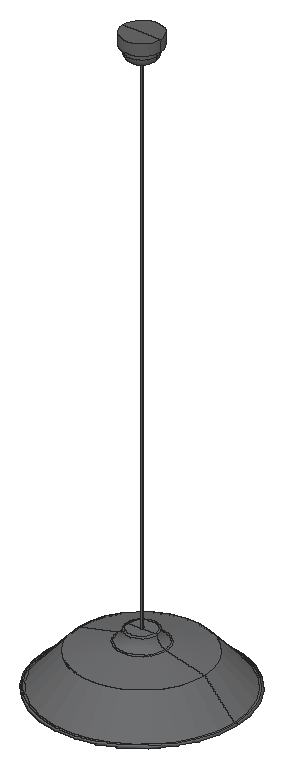
Revit family "Warehouse Flat LED 20,24,27", category Lighting Fixtures, Revit 2020
Family settings
  Round Connector Dimension = Use Diameter
  Part Type = Normal
  OmniClass Number = 23.80.70.00
  OmniClass Title = Lighting
  Work Plane-Based = No
  Always vertical = Yes
  Cut with Voids When Loaded = No
  Light Source = Yes
  Shared = No
  Room Calculation Point = No
Parameters (values of type "WF527")
  b = 0' - 2"
  a = 0' - 7 3/4"
  Weight = "6.5 lb"
  Wattage Comments = "24 W"
  Wattage = 20.1963 W
  Warranty = "5 year limited warranty"  # constant formula
  WF527 = yes
  WF524 = no
  WF520 = no
  built-in parameter 1150110 = 1 (stored number, unit not read)
  Voltage = 120 V
  URL = "https://www.anplighting.com/assets/Uploads/product-attachments/specification-sheets/ANP-Specification-Sheet-RLM-LED-WF527.pdf"
  built-in parameter 1114217 = 1 (stored number, unit not read)
  Tilt Angle = 90.00°
  built-in parameter 1150109 = 1 (stored number, unit not read)
  built-in parameter 1150134 = (empty or 0)
  built-in parameter 1150113 = 1 (stored number, unit not read)
  Photometric Web File = "generic"
  built-in parameter 1150142 = (empty or 0)
  Mounting Option [instance] = 1
  Power Factor = 1
  Post Mount [instance] = Mounting Option = 5  # no
  Placement X axis side [instance] = if(Post Mount, 2' 2 15/32", if(Cord or Stem Mount, 0' 0", if(E36 20 inch, 1' 8 1/4", if(E 6 26 inch, 2' 2", if(E7 41 inch, 3' 5 1/4", 0' 1")))))  # 0' - 0"
  Model = "WF527"
  Manufacturer = "ANP Lighting"  # constant formula
  built-in parameter 1150105 = 238.73 (stored number, unit not read)
  Lumens = 3000 lm
  built-in parameter 1150115 = 1 (stored number, unit not read)
  Load Classification = Lighting
  Light Source Height [instance] = 0' - 0"
  built-in parameter 1150137 = (empty or 0)
  built-in parameter 1150139 = (empty or 0)
  Light Elevation _2 [instance] = if(Post Mount, 0' 0.66142", if(E7 41 inch, 0' 0.66142", if(E36 20 inch, 0' 1.65748", if(E 6 26 inch, 0' 1.53543", if(Cord or Stem Mount, (0' 4.3622" + Cord Length), 0' 0")))))  # 6' - 4.3622"
  Light Elevation _1 [instance] = if(Post Mount, 0' 0", if(E7 41 inch, 0' 0", if(E36 20 inch, 0' 1", if(E 6 26 inch, 0' 0.87402", if(Cord or Stem Mount, (0' 3.66142" + Cord Length), 0' 0")))))  # 6' - 3.66142"
  Light Elevation [instance] = if(Post Mount, 14' 0.5315", if(E7 41 inch, 0' 0", 0' 0"))  # 0' - 0"
  Life = "L70 50,000 hours"  # constant formula
  built-in parameter 1150112 = 1 (stored number, unit not read)
  built-in parameter 1150114 = 1 (stored number, unit not read)
  Lamp = "LED"
  built-in parameter 1150132 = 2
  built-in parameter 1150102 = (empty or 0)
  built-in parameter 1150107 = 3000 (stored number, unit not read)
  built-in parameter 1150138 = (empty or 0)
  built-in parameter 1150106 = 2.3873 (stored number, unit not read)
  Fixture Height = 0' - 7 3/4"
  Fixture Diameter = 2' - 3"
  Efficiency = "65-125 lumens per watt"  # constant formula
  built-in parameter 1150104 = 13.8 (stored number, unit not read)
  E7 41 inch [instance] = Mounting Option = 4  # no
  E36 20 inch [instance] = Mounting Option = 3  # no
  E 6 26 inch [instance] = Mounting Option = 2  # no
  Dimming Lamp Color Temperature Shift = <None>
  Dimming = "1%"  # constant formula
  Description = "120-277 Voltage"  # constant formula
  Default Elevation = 0' - 0"
  Cord or Stem Mount [instance] = Mounting Option = 1  # yes
  Cord Length option [instance] = 0
  Cord Length [instance] = if([2' Cord], 2' 0", if([4' Cord], 4' 0", if([8' Cord], 8' 0", if([10' Cord], 10' 0", if([6' Cord], 6' 0", 6' 0")))))  # 6' - 0"
  Construction Material = "Heavy Duty spun aluminum."  # constant formula
  Color Filter = 16777215
  Canopy Body = BLACK
  CRI = ">90"  # constant formula
  Bulb = Bulb
  Body Material = body
  Body Colour = "Spun aluminium"  # constant formula
  built-in parameter 1114218 = 1 (stored number, unit not read)
  BULB = yes
  built-in parameter 1150133 = 10 (stored number, unit not read)
  Apparent Load = 24 VA
  8' Cord [instance] = Cord Length option = 8  # no
  6' Cord [instance] = Cord Length option = 6  # no
  4' Cord [instance] = Cord Length option = 4  # no
  2' Cord [instance] = Cord Length option = 2  # no
  10' Cord [instance] = Cord Length option = 10  # no
Types (4): name | a | Weight | WF527 | WF524 | WF520 | URL | Model | Fixture Height | Fixture Diameter
  (no name) | 0' - 7 3/4" | "6.5 lb" | yes | no | no | "https://www.anplighting.com/assets/Uploads/product-attachments/specification-sheets/ANP-Specification-Sheet-RLM-LED-WF527.pdf" | "WF527" | 0' - 7 3/4" | 2' - 3"
  WF520 | 0' - 6" | "2.5 lb" | no | no | yes | "https://www.anplighting.com/assets/Uploads/product-attachments/specification-sheets/ANP-Specification-Sheet-RLM-LED-WF520.pdf" | "WF520" | 0' - 6" | 1' - 8"
  WF524 | 0' - 6 3/4" | "5.5 lb" | no | yes | no | "https://www.anplighting.com/assets/Uploads/product-attachments/specification-sheets/ANP-Specification-Sheet-RLM-LED-WF524.pdf" | "WF524" | 0' - 6 3/4" | 2' - 0"
  WF527 | 0' - 7 3/4" | "6.5 lb" | yes | no | no | "https://www.anplighting.com/assets/Uploads/product-attachments/specification-sheets/ANP-Specification-Sheet-RLM-LED-WF527.pdf" | "WF527" | 0' - 7 3/4" | 2' - 3"
Reference planes (in)
  plane 1 "Light Source Axis (F/B)": y = 0
  plane 2: z = 0
  plane 3 "Light Source Axis (L/R)": x = 0
  plane 4 "Light Source Elevation": z = 0
  plane 5: z = 0
  plane 6: x = 0
  plane 7 "Bulb Position": z = -76.3622
  plane 8 "Canopy Position": z = -75.66142
  plane 9 "IES": z = -76.3622
  plane 10: z = 164.5315
  plane 11: z = -83.41142
  plane 12: z = -81.41142
  plane 13: z = -78.98029
Dimensions and locks (in)
  "Light Elevation": plane 5 to plane 2
  "Placement X axis side": plane 6 to plane 3 "Light Source Axis (L/R)"
  "Light Elevation _2": plane 5 to plane 7 "Bulb Position"
  "Light Elevation _1": plane 5 to plane 8 "Canopy Position"
  "Light Source Height": plane 7 "Bulb Position" to plane 9 "IES"
  locked: plane 4 "Light Source Elevation" to plane 2
  "a": plane 8 "Canopy Position" to plane 11
  "b": plane 12 to plane 11
  locked: plane 13 to plane 12 at 2.43113
  aligned and locked: level to plane 2
  aligned and locked: plane 1 "Light Source Axis (F/B)" to nested 5
  aligned and locked: nested 5 to plane 2
  aligned and locked: nested 1 to plane 3 "Light Source Axis (L/R)"
  aligned and locked: plane 3 "Light Source Axis (L/R)" to nested 2
  aligned and locked: plane 3 "Light Source Axis (L/R)" to nested 4
  aligned and locked: nested 3 to plane 5
  aligned and locked: plane 3 "Light Source Axis (L/R)" to nested 3
  aligned and locked: plane 1 "Light Source Axis (F/B)" to nested 2
  aligned and locked: plane 1 "Light Source Axis (F/B)" to nested 1
  aligned and locked: plane 1 "Light Source Axis (F/B)" to nested 4
  aligned and locked: plane 1 "Light Source Axis (F/B)" to nested 3
  aligned and locked: plane 2 to nested 1
  aligned and locked: plane 2 to nested 2
  aligned and locked: nested 4 to plane 2
  aligned and locked: imposter light to plane 6
  aligned and locked: plane 12 to imposter light
  aligned and locked: imposter light to plane 1 "Light Source Axis (F/B)"
  aligned and locked: plane 1 "Light Source Axis (F/B)" to nested 6
  aligned and locked: plane 1 "Light Source Axis (F/B)" to nested 7
  aligned and locked: plane 1 "Light Source Axis (F/B)" to nested 8
  aligned and locked: nested 6 to plane 8 "Canopy Position"
  aligned and locked: nested 7 to plane 8 "Canopy Position"
  aligned and locked: nested 8 to plane 8 "Canopy Position"
  aligned and locked: plane 6 to nested 8
  aligned and locked: plane 6 to nested 7
  aligned and locked: plane 6 to nested 6
Nested families (in)
  nested 1: "CORD OR STEM MOUNT" at (0, 0, -75.67), visible <- "Cord or Stem Mount", Cord or Stem Mount <- "Cord or Stem Mount", Body Material <- "Body Material", Light Elevation <- "Light Elevation", Cord Length <- "Cord Length", 10' Cord <- "10' Cord", 2' Cord <- "2' Cord", 4' Cord <- "4' Cord", 6' Cord <- "6' Cord", 8' Cord <- "8' Cord", type "CORD OR STEM MOUNT"
    with Light Elevation 0' - 0", Cord or Stem Mount yes, Cord Length 6' - 0", Body Material body, 8' Cord no, 6' Cord no, 4' Cord no, 2' Cord no, 10' Cord no
  nested 2: "E6 26 INCH" at (0, 0, 0), visible <- "E 6 26 inch", Chain Length <- "Cord Length", E 6 26 inch <- "E 6 26 inch", Placement X axis side <- "Placement X axis side", Body Material <- "Body Material", Light Elevation <- "Light Elevation", type "E6 26 INCH"
    with Placement X axis side 0' - 0", Light Elevation 0' - 0", E 6 26 inch no, Chain Length 6' - 0", Body Material body
  nested 3: "E7 41 INCH" at (0, 0, 0), Chain Length <- "Cord Length", visible <- "E7 41 inch", E7 41 inch <- "E7 41 inch", Placement X axis side <- "Placement X axis side", Body Material <- "Body Material", Light Elevation <- "Light Elevation", type "E7 41 INCH"
    with Placement X axis side 0' - 0", Light Elevation 0' - 0", E7 41 inch no, Chain Length 6' - 0", Body Material body
  nested 4: "E36 20 INCH" at (0, 0, 0), visible <- "E36 20 inch", E36 20 inch <- "E36 20 inch", Placement X axis side <- "Placement X axis side", Chain Length <- "Cord Length", Body Material <- "Body Material", Light Elevation <- "Light Elevation", type "E36 20 INCH"
    with Placement X axis side 0' - 0", Light Elevation 0' - 0", E36 20 inch no, Chain Length 6' - 0", Body Material body
  nested 5: "POST MOUNT" at (0, 0, 0), visible <- "Post Mount", Post Mount <- "Post Mount", Placement X axis side <- "Placement X axis side", Chain Length <- "Cord Length", Body Material <- "Body Material", Light Elevation <- "Light Elevation", type "POST MOUNT"
    with Post Mount no, Placement X axis side 0' - 0", Light Elevation 0' - 0", Chain Length 6' - 0", Body Material body
  nested 6: "WF520_1" at (0, 0, -75.66142), WF520 <- "WF520", visible <- "WF520", Body <- "Canopy Body", Light Elevation <- "Light Elevation", type "WF520_1"
    with WF520 no, Light Elevation 0' - 0", Body BLACK
  nested 7: "WF524_1" at (0, 0, -75.66142), Body <- "Canopy Body", visible <- "WF524", Light Elevation <- "Light Elevation", WF524 <- "WF524", type "WF524_1"
    with WF524 no, Light Elevation 0' - 0", Body BLACK
  nested 8: "WF527_1" at (0, 0, -75.66142), WF527 <- "WF527", visible <- "WF527", Body <- "Canopy Body", Light Elevation <- "Light Elevation", type "WF527_1"
    with WF527 yes, Light Elevation 0' - 0", Body BLACK
Definition of nested family "CORD OR STEM MOUNT"
  Parameters (values of type "CORD OR STEM MOUNT")
    URL = ""
    Model = ""
    Manufacturer = ""
    Light Elevation [instance] = 1' - 7.69"
    Default Elevation = 0' - 0"
    Cord or Stem Mount [instance] = yes
    Cord Length [instance] = 6' - 0"
    Body Material [instance] = none
    8' Cord [instance] = no
    6' Cord [instance] = no
    4' Cord [instance] = no
    2' Cord [instance] = no
    10' Cord [instance] = no
  Reference planes (in)
    plane 1 "Light Source Axis (F/B)": y = 0
    plane 2: z = 0
    plane 3 "Light Source Axis (L/R)": x = 0
    plane 4 "Light Source Elevation": z = 23.125
    plane 5: z = 91.69
    plane 6: z = 19.69
  Forms (in)
    Extrusion 1, void, not visible
      sketch origin (0, 0, 2.38154) x (1, 0, 0) y (0, 0, 1)
        loop
          circle (0, 4.59925) r 0.16583
      from 1.18594 to 1.75
    Extrusion 2, void, not visible
      sketch origin (0, 0, 2.38154) x (0.707107, -0.707107, 0) y (0, 0, 1)
        loop
          circle (0, 4.59925) r 0.16583
      from 1.18594 to 1.75
    Extrusion 3, void, not visible
      sketch origin (0, 0, 2.38154) x (0.707107, 0.707107, 0) y (0, 0, 1)
        loop
          circle (0, 4.59925) r 0.16583
      from 1.18594 to 1.75
    Extrusion 4, void, not visible
      sketch origin (0, 0, 2.38154) x (0, 1, 0) y (0, 0, 1)
        loop
          circle (0, 4.59925) r 0.16583
      from 1.18594 to 1.75
    Extrusion 5, void, not visible
      sketch origin (0, 0, 2.38154) x (-0.707107, 0.707107, 0) y (0, 0, 1)
        loop
          circle (0, 4.59925) r 0.16583
      from 1.18594 to 1.75
    Extrusion 6, void, not visible
      sketch origin (0, 0, 2.38154) x (-1, 0, 0) y (0, 0, 1)
        loop
          circle (0, 4.59925) r 0.20678
      from 1.18594 to 1.75
    Extrusion 7, void, not visible
      sketch origin (0, 0, 2.38154) x (-0.707107, -0.707107, 0) y (0, 0, 1)
        loop
          circle (0, 4.59925) r 0.16583
      from 1.18594 to 1.75
    Extrusion 8, void, not visible
      sketch origin (0, 0, 2.38154) x (0, -1, 0) y (0, 0, 1)
        loop
          circle (0, 4.59925) r 0.16583
      from 1.18594 to 1.75
    Revolve 9, solid, material <- "Body Material", visible <- "Cord or Stem Mount"
      sketch origin (0, 0, 174.56698) x (1, 0, 0) y (0, 0, 1)
        loop
          line (2.6875, -79.20698) -> (0, -79.20698) -> (0, -82.87698) -> (0.125, -82.87698) -> (0.125, -82.83698) -> (0.75, -82.83698)
          arc (0.75, -82.83698) -> (0.81694, -82.77004) -> (0.75, -82.7031) r 0.06694
          line (0.75, -82.7031) -> (0.89763, -82.7031) -> (1.00223, -82.5985) -> (1.06587, -82.5985)
          arc (1.06587, -82.5985) -> (1.80099, -82.29401) -> (2.10549, -81.55888) r 1.03962
          line (2.10549, -81.55888) -> (2.10549, -81.03899)
          arc (2.10549, -81.03899) -> (2.12951, -80.981) -> (2.1875, -80.95698) r 0.08201
          line (2.1875, -80.95698) -> (2.1875, -80.70698) -> (2.6875, -80.70698) -> (2.6875, -79.20698)
        axis (0, -79.20698) -> (0, -82.87698)
      angle from 0 to 360
    Revolve 10, solid, material <- "Body Material", visible <- "Cord or Stem Mount"
      sketch origin (0, 0, 0) x (1, 0, 0) y (0, 0, 1)
        loop
          line (0, 91.69) -> (-0.125, 91.69) -> (-0.125, 19.69) -> (0, 19.69) -> (0, 91.69)
        axis (0, 19.69) -> (0, 91.69)
      angle from 0 to 360
  Dimensions and locks (in)
    "Light Elevation": plane 6 to plane 2
    "Cord Length": plane 5 to plane 6
    locked: Revolve 10 sketch curve to Revolve 10 sketch curve at 0.125
    aligned and locked: level to plane 2
    aligned and locked: Revolve 10 sketch curve to plane 3 "Light Source Axis (L/R)"
    aligned and locked: Revolve 10 sketch curve to plane 6
    aligned and locked: Revolve 10 sketch curve to plane 5
    aligned and locked: plane 3 "Light Source Axis (L/R)" to Revolve 10 sketch curve
  Automatic sketch dimensions
    Revolve 9 sketch curve to plane 3 "Light Source Axis (L/R)" = 0' - 0"  (x2)
    Revolve 9 sketch curve to plane 5 = 0' - 0"
    plane 3 "Light Source Axis (L/R)" to Revolve 9 sketch curve = 0' - 0 1/8"
    Revolve 9 sketch curve to plane 5 = 0' - 0.17388"
    Revolve 9 sketch curve to Revolve 9 sketch curve = 0' - 0 5/8"
    Revolve 9 sketch curve to Revolve 9 sketch curve = 0' - 0.14763"
    Revolve 9 sketch curve to plane 5 = 0' - 0.27847"
    Revolve 9 sketch curve to Revolve 9 sketch curve = 0' - 0.1046"
    Revolve 9 sketch curve to Revolve 9 sketch curve = 0' - 0.06364"
    Revolve 9 sketch curve to Revolve 9 sketch curve = 0' - 1.03962"
    Revolve 9 sketch curve to Revolve 9 sketch curve = 0' - 0 21/256"
    Revolve 9 sketch curve to Revolve 9 sketch curve = 0' - 0 1/2"  (x2)
    Revolve 9 sketch curve to Revolve 9 sketch curve = 0' - 0.51989"
    Revolve 9 sketch curve to Revolve 9 sketch curve = 0' - 0 1/4"
    Revolve 9 sketch curve to Revolve 9 sketch curve = 0' - 2.3519"
    Revolve 9 sketch curve to Revolve 9 sketch curve = 0' - 1 1/4"
    Revolve 9 sketch curve to Revolve 9 sketch curve = 0' - 0.04"
    Revolve 10 sketch curve to Revolve 10 sketch curve = 0' - 0 1/2"
    Revolve 10 sketch curve to Revolve 10 sketch curve = 0' - 0.42345"
Definition of nested family "WF527_1"
  Parameters (values of type "WF527_1")
    WF527 [instance] = yes
    Light Elevation [instance] = 3' - 0"
    Default Elevation = 0' - 0"
    Body [instance] = none
  Reference planes (in)
    plane 1 "Center (Front/Back)": y = 0
    plane 2: z = 0
    plane 3 "Center (Left/Right)": x = 0
    plane 4: z = 36
  Dimensions and locks (in)
    "Light Elevation": plane 4 to plane 2
    aligned and locked: plane 2 to level
    aligned and locked: plane 3 "Center (Left/Right)" to nested 1
    aligned and locked: plane 1 "Center (Front/Back)" to nested 1
    aligned and locked: plane 4 to nested 1
  Nested families (in)
    nested 1: "WF527" at (0, 0, 28.25), Body <- "Body", WF527 <- "WF527", visible <- "WF527", type "WF527"
      with WF527 yes, Body none
  Definition of nested family "WF527"
    Parameters (values of type "WF527")
      WF527 [instance] = yes
      Body [instance] = none
      Default Elevation = 0' - 0"
    Reference planes (in)
      plane 1 "Center (Front/Back)": y = 0
      plane 2: z = 0
      plane 3 "Center (Left/Right)": x = 0
      plane 4: z = 7.75
      plane 5: x = 13.5
      plane 6: x = -13.5
    Forms (in)
      Revolve 1, solid, material <- "Body", visible <- "WF527"
        sketch origin (0, 0, -10.16041) x (1, 0, 0) y (0, 0, 1)
          loop
            line (-8.875, 14.9977) -> (-12.99589, 10.4694)
            arc (-12.99589, 10.4694) -> (-13.15489, 10.328) -> (-13.34715, 10.23682) r 0.75169
            arc (-13.34715, 10.23682) -> (-13.41998, 10.31483) -> (-13.34363, 10.3894) r 0.07633
            line (-13.34363, 10.3894) -> (-13.34363, 10.46941)
            arc (-13.34363, 10.46941) -> (-13.49965, 10.30405) -> (-13.32344, 10.16041) r 0.15523
            arc (-13.32344, 10.16041) -> (-13.11135, 10.26089) -> (-12.93577, 10.41661) r 0.83169
            line (-12.93577, 10.41661) -> (-8.83291, 14.92509) -> (-3.39447, 16.13108)
            arc (-3.39447, 16.13108) -> (-3.27276, 16.16497) -> (-3.15631, 16.21395) r 0.99886
            arc (-3.15631, 16.21395) -> (-2.4238, 16.83287) -> (-2.07743, 17.72711) r 1.93921
            arc (-2.07743, 17.72711) -> (-2.02924, 17.79944) -> (-1.94696, 17.82741) r 0.135
            line (-1.94696, 17.82741) -> (-0.25, 17.82741) -> (-0.25, 17.91041) -> (-1.94696, 17.91041)
            arc (-1.94696, 17.91041) -> (-2.07938, 17.8648) -> (-2.1556, 17.74731) r 0.215
            arc (-2.1556, 17.74731) -> (-2.48595, 16.88353) -> (-3.19158, 16.28576) r 1.85921
            arc (-3.19158, 16.28576) -> (-3.29906, 16.24053) -> (-3.41139, 16.20927) r 0.91886
            line (-3.41139, 16.20927) -> (-8.875, 14.9977)
          axis (0, 17.91041) -> (0, 10.16041)
        angle from 0 to 360
    Dimensions and locks (in)
      plane 5 to plane 3 "Center (Left/Right)" = 1' - 1 1/2"
      plane 4 to plane 2 = 0' - 7 3/4"
      plane 6 to plane 5 = 2' - 3"
      aligned and locked: plane 2 to level
Definition of nested family "E6 26 INCH"
  Parameters (values of type "E6 26 INCH")
    URL = ""
    Placement X axis side [instance] = 2' - 2"
    Model = ""
    Manufacturer = ""
    Light Elevation [instance] = 8' - 4"
    E 6 26 inch [instance] = yes
    Default Elevation = 0' - 0"
    Chain Length [instance] = 0' - 0"
    Body Material [instance] = none
  Reference planes (in)
    plane 1 "Light Source Axis (F/B)": y = 0
    plane 2: z = 0
    plane 3 "Light Source Axis (L/R)": x = 0
    plane 4 "Light Source Elevation": z = 23.125
    plane 5: z = 100
    plane 6: x = -26
    plane 7: z = 99.125
    plane 8: x = -24.12
    plane 9: x = -25.5474
  Forms (in)
    Extrusion 1, void, not visible
      sketch origin (0, 0, 2.38154) x (1, 0, 0) y (0, 0, 1)
        loop
          circle (0, 4.59925) r 0.16583
      from 1.18594 to 1.75
    Extrusion 2, void, not visible
      sketch origin (0, 0, 2.38154) x (0.707107, -0.707107, 0) y (0, 0, 1)
        loop
          circle (0, 4.59925) r 0.16583
      from 1.18594 to 1.75
    Extrusion 3, void, not visible
      sketch origin (0, 0, 2.38154) x (0.707107, 0.707107, 0) y (0, 0, 1)
        loop
          circle (0, 4.59925) r 0.16583
      from 1.18594 to 1.75
    Extrusion 4, void, not visible
      sketch origin (0, 0, 2.38154) x (0, 1, 0) y (0, 0, 1)
        loop
          circle (0, 4.59925) r 0.16583
      from 1.18594 to 1.75
    Extrusion 5, void, not visible
      sketch origin (0, 0, 2.38154) x (-0.707107, 0.707107, 0) y (0, 0, 1)
        loop
          circle (0, 4.59925) r 0.16583
      from 1.18594 to 1.75
    Extrusion 6, void, not visible
      sketch origin (0, 0, 2.38154) x (-1, 0, 0) y (0, 0, 1)
        loop
          circle (0, 4.59925) r 0.20678
      from 1.18594 to 1.75
    Extrusion 7, void, not visible
      sketch origin (0, 0, 2.38154) x (-0.707107, -0.707107, 0) y (0, 0, 1)
        loop
          circle (0, 4.59925) r 0.16583
      from 1.18594 to 1.75
    Extrusion 8, void, not visible
      sketch origin (0, 0, 2.38154) x (0, -1, 0) y (0, 0, 1)
        loop
          circle (0, 4.59925) r 0.16583
      from 1.18594 to 1.75
    Sweep 9, solid, material <- "Body Material", visible <- "E 6 26 inch"
      path origin (-41.25, 0, 168.51693) x (1, 0, 0) y (0, 0, 1)
        loop
          line (17.13, -68.51693) -> (27.68551, -68.51693)
          arc (27.68551, -68.51693) -> (28.47996, -68.34486) -> (29.13202, -67.8595) r 1.92004
          line (29.13202, -67.8595) -> (34.23651, -62.01155)
          arc (34.23651, -62.01155) -> (38.65464, -60.89667) -> (41.25, -64.64193) r 4
          line (41.25, -64.64193) -> (41.25, -69.39193)
      profile origin (-18.84224, 0, 100) x (0, 0, 1) y (0, -1, 0)
        loop
          circle (0, 0) r 0.5
    Revolve 10, solid, material <- "Body Material", visible <- "E 6 26 inch"
      sketch origin (-26, 0, 168.51693) x (1, 0, 0) y (0, 0, 1)
        loop
          line (0, -66.07943) -> (0, -68.51693) -> (1.88, -68.51693) -> (1.88, -67.69272) -> (0.4526, -67.69272) -> (0.4526, -66.54122) -> (0.33125, -66.54122) -> (0.33125, -66.07943) -> (0, -66.07943)
        axis (0, -68.51693) -> (1.88, -68.51693)
      angle from 0 to 360
    Extrusion 11, solid, material <- "Body Material", visible <- "E 6 26 inch"
      sketch origin (-26, 0, 168.51693) x (0, -1, 0) y (0, 0, -1)
        loop
          line (0.25, 68.51693) -> (0.25, 69.51693) -> (-0.25, 69.51693) -> (-0.25, 68.51693) -> (0.25, 68.51693)
      from 0.4526 to 1.88
  Cuts and joins
    joined: Revolve 10, Extrusion 11
  Dimensions and locks (in)
    "Light Elevation": plane 5 to plane 2
    "Placement X axis side": plane 3 "Light Source Axis (L/R)" to plane 6
    locked: plane 5 to plane 7 at 0.875
    Revolve 10 sketch curve to Revolve 10 sketch curve to Revolve 10 sketch curve to plane 6 = 0' - 1.4274" locked, 0' - 0.12135" locked, 0' - 0.33125" locked
    Revolve 10 sketch curve to Revolve 10 sketch curve to Revolve 10 sketch curve to plane 5 = 0' - 0.46179" locked, 0' - 1.1515" locked, 0' - 0 211/256" locked
    locked: Sweep 9 sketch curve to plane 6 at 1.88
    locked: Sweep 9 sketch curve to Sweep 9 sketch curve at 10.55551
    locked: Sweep 9 sketch curve to Sweep 9 sketch curve at 13.56449
    locked: Sweep 9 sketch curve to Sweep 9 sketch curve at 4.75
    locked: plane 9 to plane 6 at 0.4526
    locked: plane 8 to plane 9 at 1.4274
    aligned and locked: level to plane 2
    aligned and locked: Revolve 10 sketch curve to plane 6
    aligned and locked: plane 5 to Revolve 10 sketch curve
    aligned and locked: Revolve 10 sketch curve to plane 5
    aligned and locked: cut or joined group of Revolve 10, Extrusion 11 to plane 9
    aligned and locked: plane 8 to cut or joined group of Revolve 10, Extrusion 11
  Automatic sketch dimensions
    Sweep 9 sketch curve to plane 5 = 0' - 0"
    Sweep 9 sketch curve to Sweep 9 sketch curve = 0' - 4"
    Sweep 9 sketch curve to Sweep 9 sketch curve = 0' - 3.01349"
    plane 5 to Sweep 9 sketch curve = 0' - 0.65743"
    Sweep 9 sketch curve to Sweep 9 sketch curve = 0' - 1.4465"
    Sweep 9 sketch curve to plane 5 = 0' - 0 7/8"
    profile plane to Sweep 9 sketch curve = 0' - 0"
    Sweep 9 sketch curve to profile plane = 0' - 0"
    plane 6 to Revolve 10 sketch curve = 0' - 0.62562"
    Revolve 10 sketch curve to Revolve 10 sketch curve = 0' - 0 1/2"
    Extrusion 11 sketch curve to plane 5 = 0' - 0"
    plane 1 "Light Source Axis (F/B)" to Extrusion 11 sketch curve = 0' - 0 1/4"
    Extrusion 11 sketch curve to plane 1 "Light Source Axis (F/B)" = 0' - 0 1/4"
    plane 5 to Extrusion 11 sketch curve = 0' - 1"
    radius of Sweep 9 sketch curve = 0' - 0 1/2"
Definition of nested family "E7 41 INCH"
  Parameters (values of type "E7 41 INCH")
    URL = ""
    Placement X axis side [instance] = 4' - 2"
    Model = ""
    Manufacturer = ""
    Light Elevation [instance] = 8' - 4"
    E7 41 inch [instance] = yes
    Default Elevation = 0' - 0"
    Chain Length [instance] = 0' - 0"
    Body Material [instance] = none
  Reference planes (in)
    plane 1 "Light Source Axis (F/B)": y = 0
    plane 2: z = 0
    plane 3 "Light Source Axis (L/R)": x = 0
    plane 4 "Light Source Elevation": z = 23.125
    plane 5: z = 100
    plane 6: x = -50
  Forms (in)
    Extrusion 1, void, not visible
      sketch origin (0, 0, 2.38154) x (1, 0, 0) y (0, 0, 1)
        loop
          circle (0, 4.59925) r 0.16583
      from 1.18594 to 1.75
    Extrusion 2, void, not visible
      sketch origin (0, 0, 2.38154) x (0.707107, -0.707107, 0) y (0, 0, 1)
        loop
          circle (0, 4.59925) r 0.16583
      from 1.18594 to 1.75
    Extrusion 3, void, not visible
      sketch origin (0, 0, 2.38154) x (0.707107, 0.707107, 0) y (0, 0, 1)
        loop
          circle (0, 4.59925) r 0.16583
      from 1.18594 to 1.75
    Extrusion 4, void, not visible
      sketch origin (0, 0, 2.38154) x (0, 1, 0) y (0, 0, 1)
        loop
          circle (0, 4.59925) r 0.16583
      from 1.18594 to 1.75
    Extrusion 5, void, not visible
      sketch origin (0, 0, 2.38154) x (-0.707107, 0.707107, 0) y (0, 0, 1)
        loop
          circle (0, 4.59925) r 0.16583
      from 1.18594 to 1.75
    Extrusion 6, void, not visible
      sketch origin (0, 0, 2.38154) x (-1, 0, 0) y (0, 0, 1)
        loop
          circle (0, 4.59925) r 0.20678
      from 1.18594 to 1.75
    Extrusion 7, void, not visible
      sketch origin (0, 0, 2.38154) x (-0.707107, -0.707107, 0) y (0, 0, 1)
        loop
          circle (0, 4.59925) r 0.16583
      from 1.18594 to 1.75
    Extrusion 8, void, not visible
      sketch origin (0, 0, 2.38154) x (0, -1, 0) y (0, 0, 1)
        loop
          circle (0, 4.59925) r 0.16583
      from 1.18594 to 1.75
    Revolve 9, solid, material <- "Body Material", visible <- "E7 41 inch"
      sketch origin (-41.25, 0, 168.39193) x (1, 0, 0) y (0, 0, 1)
        loop
          line (-8.75, -66.20443) -> (-8.75, -68.51693) -> (-6.87, -68.51693) -> (-6.87, -67.69272) -> (-8.2974, -67.69272) -> (-8.2974, -66.54122) -> (-8.41875, -66.54122) -> (-8.41875, -66.20443) -> (-8.75, -66.20443)
        axis (-8.75, -68.51693) -> (-6.87, -68.51693)
      angle from 0 to 360
    Extrusion 10, solid, material <- "Body Material", visible <- "E7 41 inch"
      sketch origin (-41.25, 0, 168.39193) x (0, -1, 0) y (0, 0, -1)
        loop
          line (0.25, 68.51693) -> (0.25, 69.51693) -> (-0.25, 69.51693) -> (-0.25, 68.51693) -> (0.25, 68.51693)
      from -8.2974 to -6.87
    Sweep 11, solid, material <- "Body Material", visible <- "E7 41 inch"
      path origin (-41.25, 0, 168.39193) x (1, 0, 0) y (0, 0, 1)
        loop
          line (-6.87, -68.51693) -> (16.04011, -68.51693)
          arc (16.04011, -68.51693) -> (17.864, -68.13651) -> (19.38375, -67.0587) r 4.5625
          line (19.38375, -67.0587) -> (24.70217, -61.33018)
          arc (24.70217, -61.33018) -> (29.64465, -60.20324) -> (32.5, -64.39193) r 4.5
          line (32.5, -64.39193) -> (32.5, -68.39193)
      profile origin (-36.66494, 0, 99.875) x (0, 0, 1) y (0, -1, 0)
        loop
          circle (0, 0) r 0.5
  Dimensions and locks (in)
    "Placement X axis side": plane 3 "Light Source Axis (L/R)" to plane 6
    "Light Elevation": plane 5 to plane 2
    locked: Revolve 9 sketch curve to Revolve 9 sketch curve at 0.33125
    locked: Revolve 9 sketch curve to Revolve 9 sketch curve at 0.4526
    locked: Revolve 9 sketch curve to Revolve 9 sketch curve at 1.88
    locked: Revolve 9 sketch curve to Revolve 9 sketch curve at 0.82421
    locked: Revolve 9 sketch curve to Revolve 9 sketch curve at 1.1515
    locked: Revolve 9 sketch curve to Revolve 9 sketch curve at 0.33679
    locked: plane 5 to Revolve 9 sketch curve at 0.125
    locked: Extrusion 10 sketch curve to Extrusion 10 sketch curve at 0.5
    locked: Extrusion 10 sketch curve to Extrusion 10 sketch curve at 1
    locked: plane 5 to Extrusion 10 sketch curve at 0.125
    locked: plane 5 to Sweep 11 sketch curve at 0.125
    locked: Sweep 11 sketch curve to Sweep 11 sketch curve at 39.37
    locked: Sweep 11 sketch curve to Sweep 11 sketch curve at 4
    locked: plane 6 to Extrusion 10 at 0.4526
    locked: Sweep 11 sketch curve to plane 6 at 1.88
    locked: Extrusion 10 to Extrusion 10 at 1.4274
    aligned and locked: plane 2 to level
    aligned and locked: Revolve 9 sketch curve to plane 6
  Automatic sketch dimensions
    Revolve 9 sketch curve to plane 5 = 0' - 0 1/8"
    plane 6 to Revolve 9 sketch curve = 0' - 0.62562"
    Revolve 9 sketch curve to Revolve 9 sketch curve = 0' - 0 1/2"
    plane 1 "Light Source Axis (F/B)" to Extrusion 10 sketch curve = 0' - 0 1/4"
    Sweep 11 sketch curve to plane 5 = 0' - 0"
    Sweep 11 sketch curve to Sweep 11 sketch curve = 0' - 4 1/2"
    Sweep 11 sketch curve to Sweep 11 sketch curve = 0' - 3.29783"
    plane 5 to Sweep 11 sketch curve = 0' - 1.33323"
    Sweep 11 sketch curve to Sweep 11 sketch curve = 0' - 5.31842"
    Sweep 11 sketch curve to Sweep 11 sketch curve = 0' - 3.34364"
    profile plane to Sweep 11 sketch curve = 0' - 0"
    Sweep 11 sketch curve to profile plane = 0' - 0"
    radius of Sweep 11 sketch curve = 0' - 0 1/2"
Definition of nested family "E36 20 INCH"
  Parameters (values of type "E36 20 INCH")
    URL = ""
    Placement X axis side [instance] = 1' - 8 1/4"
    Model = ""
    Manufacturer = ""
    Light Elevation [instance] = 8' - 4"
    E36 20 inch [instance] = yes
    Default Elevation = 0' - 0"
    Chain Length [instance] = 0' - 0"
    Body Material [instance] = none
  Reference planes (in)
    plane 1 "Light Source Axis (F/B)": y = 0
    plane 2: z = 0
    plane 3 "Light Source Axis (L/R)": x = 0
    plane 4 "Light Source Elevation": z = 23.125
    plane 5: z = 99
    plane 6: x = -20.25
    plane 7: z = 100
    plane 8: x = -18.37008
    plane 9: x = -19.79724
  Forms (in)
    Extrusion 1, void, not visible
      sketch origin (0, 0, 2.38154) x (1, 0, 0) y (0, 0, 1)
        loop
          circle (0, 4.59925) r 0.16583
      from 1.18594 to 1.75
    Extrusion 2, void, not visible
      sketch origin (0, 0, 2.38154) x (0.707107, -0.707107, 0) y (0, 0, 1)
        loop
          circle (0, 4.59925) r 0.16583
      from 1.18594 to 1.75
    Extrusion 3, void, not visible
      sketch origin (0, 0, 2.38154) x (0.707107, 0.707107, 0) y (0, 0, 1)
        loop
          circle (0, 4.59925) r 0.16583
      from 1.18594 to 1.75
    Extrusion 4, void, not visible
      sketch origin (0, 0, 2.38154) x (0, 1, 0) y (0, 0, 1)
        loop
          circle (0, 4.59925) r 0.16583
      from 1.18594 to 1.75
    Extrusion 5, void, not visible
      sketch origin (0, 0, 2.38154) x (-0.707107, 0.707107, 0) y (0, 0, 1)
        loop
          circle (0, 4.59925) r 0.16583
      from 1.18594 to 1.75
    Extrusion 6, void, not visible
      sketch origin (0, 0, 2.38154) x (-1, 0, 0) y (0, 0, 1)
        loop
          circle (0, 4.59925) r 0.20678
      from 1.18594 to 1.75
    Extrusion 7, void, not visible
      sketch origin (0, 0, 2.38154) x (-0.707107, -0.707107, 0) y (0, 0, 1)
        loop
          circle (0, 4.59925) r 0.16583
      from 1.18594 to 1.75
    Extrusion 8, void, not visible
      sketch origin (0, 0, 2.38154) x (0, -1, 0) y (0, 0, 1)
        loop
          circle (0, 4.59925) r 0.16583
      from 1.18594 to 1.75
    Sweep 9, solid, material <- "Body Material", visible <- "E36 20 inch"
      path origin (-41.25, 0, 169.51693) x (1, 0, 0) y (0, 0, 1)
        loop
          line (22.88, -69.51693) -> (28.93827, -69.51693)
          arc (28.93827, -69.51693) -> (29.97705, -69.28152) -> (30.81284, -68.62128) r 2.40953
          line (30.81284, -68.62128) -> (34.13807, -64.50378)
          arc (34.13807, -64.50378) -> (38.58272, -63.24548) -> (41.25, -67.01693) r 4
          line (41.25, -67.01693) -> (41.25, -70.51693)
      profile origin (-15.34086, 0, 100) x (0, 0, 1) y (0, -1, 0)
        loop
          circle (0, 0) r 0.5
    Revolve 10, solid, material <- "Body Material", visible <- "E36 20 inch"
      sketch origin (-20.25, 0, 169.51693) x (1, 0, 0) y (0, 0, 1)
        loop
          line (0, -67.20443) -> (0, -69.51693) -> (1.88, -69.51693) -> (1.88, -68.69272) -> (0.4526, -68.69272) -> (0.4526, -67.54122) -> (0.33125, -67.54122) -> (0.33125, -67.20443) -> (0, -67.20443)
        axis (0, -69.51693) -> (1.88, -69.51693)
      angle from 0 to 360
    Extrusion 11, solid, material <- "Body Material", visible <- "E36 20 inch"
      sketch origin (-20.25, 0, 169.51693) x (0, -1, 0) y (0, 0, -1)
        loop
          line (0.25, 69.51693) -> (0.25, 70.51693) -> (-0.25, 70.51693) -> (-0.25, 69.51693) -> (0.25, 69.51693)
      from 1.87992 to 0.45276
  Cuts and joins
    joined: Revolve 10, Extrusion 11
  Dimensions and locks (in)
    "Light Elevation": plane 7 to plane 2
    "Placement X axis side": plane 3 "Light Source Axis (L/R)" to plane 6
    locked: plane 7 to plane 5 at 1
    Revolve 10 sketch curve to Revolve 10 sketch curve to Revolve 10 sketch curve to plane 7 = 0' - 0.33679" locked, 0' - 1.1515" locked, 0' - 0 211/256" locked
    locked: Sweep 9 sketch curve to plane 6 at 1.88
    locked: Sweep 9 sketch curve to Sweep 9 sketch curve at 6.05827
    locked: Sweep 9 sketch curve to Sweep 9 sketch curve at 12.31173
    locked: Sweep 9 sketch curve to Sweep 9 sketch curve at 3.5
    Revolve 10 sketch curve to Revolve 10 sketch curve to Revolve 10 sketch curve to plane 6 = 0' - 1.4274" locked, 0' - 0.12135" locked, 0' - 0.33125" locked
    locked: plane 9 to plane 6 at 0.45276
    locked: plane 8 to plane 9 at 1.42717
    aligned and locked: level to plane 2
    aligned and locked: plane 7 to Revolve 10 sketch curve
    aligned and locked: Revolve 10 sketch curve to plane 7
    aligned and locked: Revolve 10 sketch curve to plane 6
    aligned and locked: cut or joined group of Revolve 10, Extrusion 11 to plane 9
    aligned and locked: plane 8 to cut or joined group of Revolve 10, Extrusion 11
  Automatic sketch dimensions
    Sweep 9 sketch curve to plane 7 = 0' - 0"
    Sweep 9 sketch curve to plane 5 = 0' - 0"
    Sweep 9 sketch curve to Sweep 9 sketch curve = 0' - 4"
    Sweep 9 sketch curve to plane 7 = 0' - 0.89565"
    Sweep 9 sketch curve to Sweep 9 sketch curve = 0' - 3.32523"
    Sweep 9 sketch curve to Sweep 9 sketch curve = 0' - 1.87457"
    profile plane to Sweep 9 sketch curve = 0' - 0"
    Sweep 9 sketch curve to profile plane = 0' - 0"
    plane 6 to Revolve 10 sketch curve = 0' - 0.62562"
    Revolve 10 sketch curve to Revolve 10 sketch curve = 0' - 0 1/2"
    plane 7 to Extrusion 11 sketch curve = 0' - 0"
    Extrusion 11 sketch curve to plane 5 = 0' - 0"
    plane 1 "Light Source Axis (F/B)" to Extrusion 11 sketch curve = 0' - 0 1/4"
    Extrusion 11 sketch curve to plane 1 "Light Source Axis (F/B)" = 0' - 0 1/4"
    radius of Sweep 9 sketch curve = 0' - 0 1/2"
Definition of nested family "POST MOUNT"
  Parameters (values of type "POST MOUNT")
    URL = ""
    Post Mount [instance] = yes
    Placement X axis side [instance] = 2' - 2 1/2"
    Model = ""
    Manufacturer = ""
    Light Elevation [instance] = 14' - 0.5168"
    Default Elevation = 0' - 0"
    Chain Length [instance] = 0' - 0"
    Body Material [instance] = none
  Reference planes (in)
    plane 1 "Light Source Axis (F/B)": y = 0
    plane 2: z = 0
    plane 3 "Light Source Axis (L/R)": x = 0
    plane 4 "Light Source Elevation": z = 23.125
    plane 5: x = -26.5
    plane 6: z = 168.5168
  Forms (in)
    Extrusion 1, void, not visible
      sketch origin (0, 0, 2.38154) x (1, 0, 0) y (0, 0, 1)
        loop
          circle (0, 4.59925) r 0.16583
      from 1.18594 to 1.75
    Extrusion 2, void, not visible
      sketch origin (0, 0, 2.38154) x (0.707107, -0.707107, 0) y (0, 0, 1)
        loop
          circle (0, 4.59925) r 0.16583
      from 1.18594 to 1.75
    Extrusion 3, void, not visible
      sketch origin (0, 0, 2.38154) x (0.707107, 0.707107, 0) y (0, 0, 1)
        loop
          circle (0, 4.59925) r 0.16583
      from 1.18594 to 1.75
    Extrusion 4, void, not visible
      sketch origin (0, 0, 2.38154) x (0, 1, 0) y (0, 0, 1)
        loop
          circle (0, 4.59925) r 0.16583
      from 1.18594 to 1.75
    Extrusion 5, void, not visible
      sketch origin (0, 0, 2.38154) x (-0.707107, 0.707107, 0) y (0, 0, 1)
        loop
          circle (0, 4.59925) r 0.16583
      from 1.18594 to 1.75
    Extrusion 6, void, not visible
      sketch origin (0, 0, 2.38154) x (-1, 0, 0) y (0, 0, 1)
        loop
          circle (0, 4.59925) r 0.20678
      from 1.18594 to 1.75
    Extrusion 7, void, not visible
      sketch origin (0, 0, 2.38154) x (-0.707107, -0.707107, 0) y (0, 0, 1)
        loop
          circle (0, 4.59925) r 0.16583
      from 1.18594 to 1.75
    Extrusion 8, void, not visible
      sketch origin (0, 0, 2.38154) x (0, -1, 0) y (0, 0, 1)
        loop
          circle (0, 4.59925) r 0.16583
      from 1.18594 to 1.75
    Revolve 9, solid, material <- "Body Material", visible <- "Post Mount"
      sketch origin (-7.90508, 0, 0) x (1, 0, 0) y (0, 0, 1)
        loop
          line (-18.59492, 3.92912) -> (-16.29831, 3.92912) -> (-16.29831, 4.2668) -> (-16.91413, 4.2668) -> (-16.91413, 134.5168) -> (-17.16413, 134.5168) -> (-17.16413, 137.3918) -> (-17.05979, 137.3918)
          arc (-17.05979, 137.3918) -> (-16.93479, 137.5168) -> (-17.05979, 137.6418) r 0.125
          line (-17.05979, 137.6418) -> (-17.48032, 137.6418) -> (-17.48032, 139.0793) -> (-17.73032, 139.0793) -> (-17.73032, 139.5793) -> (-18.59492, 139.5793) -> (-18.59492, 3.92912)
        axis (-18.59492, 139.5793) -> (-18.59492, 3.92912)
      angle from 0 to 360
    Extrusion 10, solid, material <- "Body Material", visible <- "Post Mount"
      sketch origin (0, 0, 0) x (1, 0, 0) y (0, 1, 0)
        loop
          line (-20.5, 5.93079) -> (-32.5, 5.93079) -> (-32.5, -6.06921) -> (-20.5, -6.06921) -> (-20.5, 5.93079)
      from 0 to 3.92912
    Sweep 11, solid, material <- "Body Material", visible <- "Post Mount"
      path origin (0, 0, 48.5) x (1, 0, 0) y (0, 0, 1)
        loop
          line (0, 120.0168) -> (0, 128.0168)
          arc (0, 128.0168) -> (-13.25, 141.2668) -> (-26.5, 128.0168) r 13.25
          line (-26.5, 128.0168) -> (-26.5, 91.0793)
      profile origin (0, 0, 172.5168) x (-1, 0, 0) y (0, -1, 0)
        loop
          circle (0, 0) r 0.5
    Revolve 12, solid, material <- "Body Material", visible <- "Post Mount"
      sketch origin (0, 0, 0) x (1, 0, 0) y (0, 0, 1)
        loop
          line (0, 168.5168) -> (0.75, 168.5168) -> (0.75, 170.7668) -> (0, 170.7668) -> (0, 168.5168)
        axis (0, 170.7668) -> (0, 168.5168)
      angle from 0 to 360
  Cuts and joins
    joined: Revolve 9, Extrusion 10, Sweep 11, Revolve 12
  Dimensions and locks (in)
    "Placement X axis side": plane 3 "Light Source Axis (L/R)" to plane 5
    "Light Elevation": plane 6 to plane 2
    locked: Revolve 12 sketch curve to plane 5 at 26.5  (x2)
    locked: Revolve 9 sketch curve to plane 2 at 3.92912
    locked: Revolve 9 sketch curve to plane 5 at 2.29661
    locked: Revolve 9 sketch curve to plane 5 at 1.68079
    locked: Revolve 9 sketch curve to plane 5 at 1.43079
    locked: Revolve 9 sketch curve to plane 5 at 1.11461
    locked: Revolve 9 sketch curve to plane 5 at 0.86461
    locked: Revolve 9 sketch curve to Revolve 9 sketch curve at 130.58768
    locked: Revolve 9 sketch curve to Revolve 9 sketch curve at 2.875
    locked: Revolve 9 sketch curve to Revolve 9 sketch curve at 0.25
    locked: Revolve 9 sketch curve to Revolve 9 sketch curve at 1.4375
    locked: Revolve 9 sketch curve to Revolve 9 sketch curve at 0.5
    locked: Sweep 11 sketch curve to Sweep 11 sketch curve at 26.5
    locked: Revolve 12 sketch curve to Revolve 12 sketch curve at 0.75
    locked: cut or joined group of Revolve 9, Extrusion 10, Sweep 11, Revolve 12 to plane 2 at 139.5793
    aligned and locked: level to plane 2
    aligned and locked: plane 5 to Sweep 11 sketch curve
    aligned and locked: Revolve 9 sketch curve to plane 5
  Automatic sketch dimensions
    Revolve 9 sketch curve to plane 5 = 0' - 0"
    Revolve 9 sketch curve to Revolve 9 sketch curve = 0' - 0.10434"
    Revolve 9 sketch curve to Revolve 9 sketch curve = 0' - 0.33768"
    Revolve 9 sketch curve to Revolve 9 sketch curve = 0' - 0 1/4"
    Revolve 9 sketch curve to Revolve 9 sketch curve = 0' - 0 7/16"
    Extrusion 10 sketch curve to plane 5 = 0' - 6"
    plane 5 to Extrusion 10 sketch curve = 0' - 6"
    plane 1 "Light Source Axis (F/B)" to Extrusion 10 sketch curve = 0' - 6.06921"
    Extrusion 10 sketch curve to plane 1 "Light Source Axis (F/B)" = 0' - 5.93079"
    Sweep 11 sketch curve to profile plane = 0' - 0"
    profile plane to Sweep 11 sketch curve = 0' - 0"
    Sweep 11 sketch curve to plane 6 = 0' - 0"
    Sweep 11 sketch curve to plane 6 = 0' - 8"
    plane 6 to Sweep 11 sketch curve = 2' - 4 15/16"
    Revolve 12 sketch curve to plane 6 = 0' - 0"
    Revolve 12 sketch curve to plane 6 = 0' - 2 1/4"
    Revolve 12 sketch curve to Revolve 12 sketch curve = 0' - 0 1/2"
    Revolve 12 sketch curve to Revolve 12 sketch curve = 0' - 0"
    radius of Sweep 11 sketch curve = 0' - 0 1/2"
Definition of nested family "WF520_1"
  Parameters (values of type "WF520_1")
    WF520 [instance] = yes
    Light Elevation [instance] = 3' - 0"
    Default Elevation = 0' - 0"
    Body [instance] = none
  Reference planes (in)
    plane 1 "Center (Front/Back)": y = 0
    plane 2: z = 0
    plane 3 "Center (Left/Right)": x = 0
    plane 4: z = 36
  Dimensions and locks (in)
    "Light Elevation": plane 4 to plane 2
    aligned and locked: plane 2 to level
    aligned and locked: plane 3 "Center (Left/Right)" to nested 1
    aligned and locked: plane 1 "Center (Front/Back)" to nested 1
    aligned and locked: plane 4 to nested 1
  Nested families (in)
    nested 1: "WF520" at (0, 0, 30), Body <- "Body", visible <- "WF520", WF520 <- "WF520", type "WF520"
      with WF520 yes, Body none
  Definition of nested family "WF520"
    Parameters (values of type "WF520")
      WF520 [instance] = yes
      Body [instance] = none
      Default Elevation = 0' - 0"
    Reference planes (in)
      plane 1 "Center (Front/Back)": y = 0
      plane 2: z = 0
      plane 3 "Center (Left/Right)": x = 0
      plane 4: z = 6
      plane 5: x = 10
      plane 6: x = -10
    Forms (in)
      Revolve 1, solid, material <- "Body", visible <- "WF520"
        sketch origin (0, 0, -6.85667) x (1, 0, 0) y (0, 0, 1)
          loop
            arc (-3.2099, 11.22679) -> (-3.30374, 11.18875) -> (-3.40122, 11.16136) r 0.91
            line (-3.40122, 11.16136) -> (-7.54694, 10.04112)
            arc (-7.54694, 10.04112) -> (-7.63258, 10.00079) -> (-7.69259, 9.92758) r 0.215
            line (-7.69259, 9.92758) -> (-9.52188, 7.17104)
            arc (-9.52188, 7.17104) -> (-9.66065, 7.02411) -> (-9.84285, 6.93667) r 0.55451
            arc (-9.84285, 6.93667) -> (-9.92004, 7.01385) -> (-9.84285, 7.09104) r 0.07719
            line (-9.84285, 7.09104) -> (-9.84285, 7.17104)
            arc (-9.84285, 7.17104) -> (-10.00004, 7.01385) -> (-9.84285, 6.85667) r 0.15719
            arc (-9.84285, 6.85667) -> (-9.62198, 6.95345) -> (-9.45488, 7.12732) r 0.61878
            line (-9.45488, 7.12732) -> (-7.62294, 9.88786)
            arc (-7.62294, 9.88786) -> (-7.58445, 9.93687) -> (-7.52804, 9.96336) r 0.135
            line (-7.52804, 9.96336) -> (-3.38207, 11.08366)
            arc (-3.38207, 11.08366) -> (-3.27697, 11.11335) -> (-3.17577, 11.15444) r 0.99
            arc (-3.17577, 11.15444) -> (-2.43009, 11.77393) -> (-2.07743, 12.67694) r 1.93932
            arc (-2.07743, 12.67694) -> (-2.02924, 12.74927) -> (-1.94696, 12.77724) r 0.135
            line (-1.94696, 12.77724) -> (-0.25, 12.77724) -> (-0.25, 12.85724) -> (-1.94696, 12.85724)
            arc (-1.94696, 12.85724) -> (-2.0805, 12.81074) -> (-2.15627, 12.69136) r 0.215
            arc (-2.15627, 12.69136) -> (-2.49355, 11.82272) -> (-3.2099, 11.22679) r 1.85933
          axis (0, 12.85724) -> (0, 6.85667)
        angle from 0 to 360
    Dimensions and locks (in)
      plane 4 to plane 2 = 0' - 6"
      plane 5 to plane 3 "Center (Left/Right)" = 0' - 10"
      aligned and locked: plane 2 to level
Definition of nested family "WF524_1"
  Parameters (values of type "WF524_1")
    WF524 [instance] = yes
    Light Elevation [instance] = 3' - 0"
    Default Elevation = 0' - 0"
    Body [instance] = none
  Reference planes (in)
    plane 1 "Center (Front/Back)": y = 0
    plane 2: z = 0
    plane 3 "Center (Left/Right)": x = 0
    plane 4: z = 36
  Dimensions and locks (in)
    "Light Elevation": plane 4 to plane 2
    aligned and locked: plane 2 to level
    aligned and locked: plane 3 "Center (Left/Right)" to nested 1
    aligned and locked: plane 1 "Center (Front/Back)" to nested 1
    aligned and locked: plane 4 to nested 1
  Nested families (in)
    nested 1: "WF524" at (0, 0, 29.25), Body <- "Body", WF524 <- "WF524", visible <- "WF524", type "WF524"
      with WF524 yes, Body none
  Definition of nested family "WF524"
    Parameters (values of type "WF524")
      WF524 [instance] = yes
      Body [instance] = none
      Default Elevation = 0' - 0"
    Reference planes (in)
      plane 1 "Center (Front/Back)": y = 0
      plane 2: z = 0
      plane 3 "Center (Left/Right)": x = 0
      plane 4: z = 6.75
      plane 5: x = 12
      plane 6: x = -12
    Forms (in)
      Revolve 1, solid, material <- "Body", visible <- "WF524"
        sketch origin (0, 0, -8.89072) x (1, 0, 0) y (0, 0, 1)
          loop
            arc (-8.40245, 13.13385) -> (-10.12528, 11.32205) -> (-11.51175, 9.24155) r 14.51923
            arc (-11.51175, 9.24155) -> (-11.63996, 9.07334) -> (-11.82234, 8.96623) r 0.54788
            arc (-11.82234, 8.96623) -> (-11.92, 9.06389) -> (-11.82234, 9.16155) r 0.09766
            line (-11.82234, 9.16155) -> (-11.82234, 9.24155)
            arc (-11.82234, 9.24155) -> (-11.9995, 9.05179) -> (-11.7959, 8.89072) r 0.1765
            arc (-11.7959, 8.89072) -> (-11.58759, 9.01286) -> (-11.44078, 9.20459) r 0.62788
            arc (-11.44078, 9.20459) -> (-10.06921, 11.26406) -> (-8.36616, 13.05912) r 14.43923
            arc (-8.36616, 13.05912) -> (-5.70475, 13.44541) -> (-3.02297, 13.64635) r 38.78584
            arc (-3.02297, 13.64635) -> (-2.45981, 13.84747) -> (-2.11136, 14.33346) r 1.00242
            line (-2.11136, 14.33346) -> (-2.01433, 15.34163)
            arc (-2.01433, 15.34163) -> (-1.95055, 15.4978) -> (-1.79404, 15.56072) r 0.21638
            line (-1.79404, 15.56072) -> (-0.25, 15.56072) -> (-0.25, 15.64072) -> (-1.79337, 15.64072)
            arc (-1.79337, 15.64072) -> (-2.00558, 15.5559) -> (-2.09434, 15.34531) r 0.29638
            line (-2.09434, 15.34531) -> (-2.17754, 14.48095)
            arc (-2.17754, 14.48095) -> (-2.31127, 14.10646) -> (-2.6066, 13.84018) r 0.81307
            arc (-2.6066, 13.84018) -> (-2.8116, 13.75948) -> (-3.02937, 13.72616) r 0.98891
            arc (-3.02937, 13.72616) -> (-5.72622, 13.52353) -> (-8.40245, 13.13385) r 38.86584
          axis (0, 15.64072) -> (0, 8.89072)
        angle from 0 to 360
    Dimensions and locks (in)
      plane 4 to plane 2 = 0' - 6 3/4"
      plane 5 to plane 3 "Center (Left/Right)" = 1' - 0"
      aligned and locked: plane 2 to level
